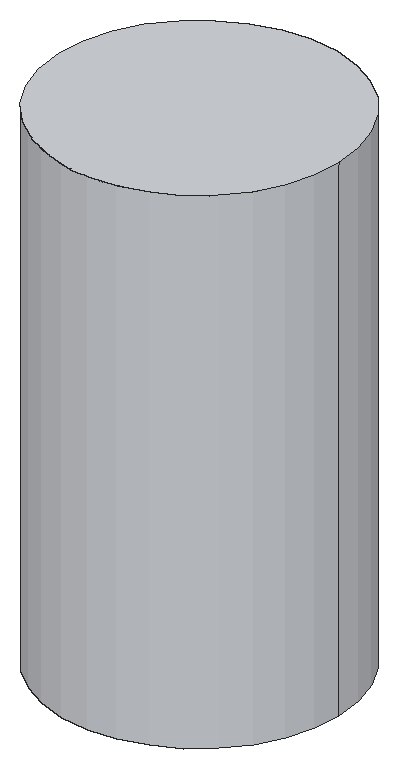
Revit family "CVC_Ballon_2000L", category Equipement de génie climatique, Revit 2026
Family settings
  Cote de connecteur circulaire = Utiliser le diamètre
  Type d'élément = Normal
  Basée sur le plan de construction = Non
  Toujours verticalement = Oui
  Couper avec des vides une fois chargée = Non
  Conserver l'orientation des annotations = Non
  Partagée = Non
  Repère de localisation dans la pièce = Non
Parameters (values of type "Stockage primaire 2000 L")
  Source = "CCTP lot 12 § 4.5"
  Modèle = "2000 L"
  Fabricant = "Non imposée"
  Elévation par défaut = 0 mm
  Description = "Ballon de stockage"
  Caractéristiques CCTP = "Stockage primaire ECS"
  A vérifier = "Dimensions approximatives (Ø1300 isolé x 2300 mm)"
Types (2, lengths in mm): name | Caractéristiques CCTP
  Préchauffage ECS 2000 L | "Préchauffage ECS par les PAC"
  Stockage primaire 2000 L | "Stockage primaire ECS"
Reference planes
  plane 1 "Centre (avant/arrière)": y = 0
  plane 2: z = 0
  plane 3 "Centre (gauche/droite)": x = 0
Forms (mm)
  Extrusion 1, solid
    sketch origin (0, 0, 0) x (1, 0, 0) y (0, 1, 0)
      loop
        circle (0, 0) r 650
    from 0 to 2300
  Extrusion 2, solid
    sketch origin (0, 0, 2300) x (1, 0, 0) y (0, 1, 0)
      loop
        circle (-300, 0) r 32.5
    from 0 to 60
  Extrusion 3, solid
    sketch origin (0, 0, 2300) x (1, 0, 0) y (0, 1, 0)
      loop
        circle (300, 0) r 32.5
    from 0 to 60
Dimensions and locks
  aligned and locked: level to plane 2
Connectors
  piping at (-300, 0, 2360), diameter 65
    settings: on Extrusion 2, index 1, connector inside diameter 609.6 mm, connector length 0 mm, flow factor 0, pipe flow 0.0 L/s, pressure drop 0.0 Pa, fitting loss kfactor 0, connector angle 0.00°, fixture units 0, engagement length 0 mm, angle of deflection 0.00°, flow configuration 0, flow direction 0, fitting loss method 0, system type 7, joint type 0, gender type 0, connector reference index -1, connector utility 0, adjustable connector no, is connector primary yes, connector description "Entree"
  piping at (300, 0, 2360), diameter 65
    settings: on Extrusion 3, index 2, connector inside diameter 609.6 mm, connector length 0 mm, flow factor 0, pipe flow 0.0 L/s, pressure drop 0.0 Pa, fitting loss kfactor 0, connector angle 0.00°, fixture units 0, engagement length 0 mm, angle of deflection 0.00°, flow configuration 0, flow direction 0, fitting loss method 0, system type 8, joint type 0, gender type 0, connector reference index -1, connector utility 0, adjustable connector no, is connector primary no, connector description "Sortie"
